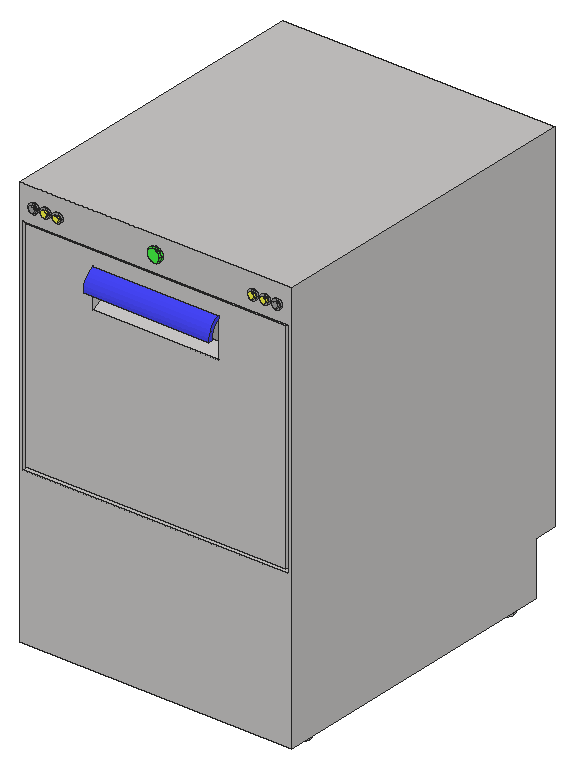
Revit family "QF_ZANUSSI_402291_ESGU", category Specialty Equipment, Revit 2018
Family settings
  Round Connector Dimension = Use Diameter
  Part Type = Normal
  Work Plane-Based = No
  Always vertical = Yes
  Cut with Voids When Loaded = No
  Shared = No
  Room Calculation Point = No
Parameters (values of type "Standard")
  Weight = 38.00 kg
  Watts = 250.838 W
  Volts = 220 V
  URL Manufacturer = "http://professional.electrolux.com"
  URL = "http://professional.electrolux.com"
  Steam Supply Size = 0 mm
  Steam Supply Minimum Pressure = 0.0 Pa
  Steam Supply Maximum Pressure = 0.0 Pa
  Steam Pounds per Hour = 0
  Show Logo [instance] = yes
  Show Clearance [instance] = yes
  Refrigeration Suction Line Size = 0 mm
  Refrigeration Liquid Line Size = 0 mm
  Refrigerant Compressor Remote = yes
  Manufacturer = "Electrolux Professional"
  Phase = 1
  Model = "ESGU"
  Length Actual = 455 mm  # constant formula
  Item Number = "402291"
  Hot Water Size = 0 mm
  Height Actual = 700 mm  # constant formula
  HP = "3.6 HP"
  Gas Size = 0 mm
  Gas KW = 0
  Gas Input Pressure = 0 W
  Description = "GLASSWASHER(S), SINGLE SKIN, DRAIN PUMP, DETERGENT DISPENSER, UK PLUG, 30B/H"
  Depth Actual = 550 mm  # constant formula
  Cycle = 50 Hz
  Condensate Return Size = 0 mm
  Compressed Air Volume = 0.0 L/s
  Compressed Air Size = 0 mm
  Compressed Air Pressure = 0.0 Pa
  Cold Water Size = 19.05 mm
  Accessory = yes
Types (2, lengths in mm): name | URL | Manufacturer | Phase | Model | Description | Cold Water Size
  (no name) | "http://professional.electrolux.com/" | 0 | 0 | 0 | 0 | 0
  Standard | "http://professional.electrolux.com" | "Electrolux Professional" | 1 | "ESGU" | "GLASSWASHER(S), SINGLE SKIN, DRAIN PUMP, DETERGENT DISPENSER, UK PLUG, 30B/H" | 19.05
Values of the unnamed type that differ from the named types
  Watts = 0 W
  Volts = 0 V
  URL Manufacturer = ""
  Item Number = ""
  HP = ""
  Cycle = 0 Hz
Reference planes
  plane 1 "Center (Front/Back)": y = 0
  plane 2: z = 0
  plane 3 "Center (Left/Right)": x = 0
  plane 4 "LEFT": x = -227.5
  plane 5 "RIGHT": x = 227.5
  plane 6 "FRONT": y = -275
  plane 7 "BACK": y = 275
  plane 8: z = 700
  plane 9: z = 10
  plane 10: y = 236
Forms (mm)
  Extrusion 1, solid, material "QF_Finishes_Stainless Steel"
    sketch origin (0, 0, 0) x (1, 0, 0) y (0, 1, 0)
      loop
        line (-227.5, -275) -> (227.5, -275) -> (227.5, 236) -> (-227.5, 236) -> (-227.5, -275)
    from 10 to 700
  Extrusion 2, solid, material "QF_Finishes_Stainless Steel"
    sketch origin (0, 0, 0) x (1, 0, 0) y (0, 1, 0)
      loop
        line (-227.5, 236) -> (227.5, 236) -> (227.5, 275) -> (-227.5, 275) -> (-227.5, 236)
    from 100 to 700
  Extrusion 3, solid, material "QF_Finishes_Stainless Steel"
    sketch origin (0, 0, 0) x (1, 0, 0) y (0, 1, 0)
      loop
        circle (-208, 198) r 12.5
      loop
        circle (208, 198) r 12.5
      loop
        circle (-208, -228) r 12.5
      loop
        circle (208, -228) r 12.5
    from 0 to 10
  Extrusion 4, void
    sketch origin (-227.5, -275, 0) x (-1, 0, 0) y (0, 0, 1)
      loop
        line (-5, 643.217) -> (-450, 643.217) -> (-450, 270) -> (-5, 270) -> (-5, 643.217)
    from 0 to 30
  Extrusion 5, solid, material "QF_Finishes_Stainless Steel"
    sketch origin (-212, -392, 752) x (0, 0, -1) y (1, 0, 0)
      loop
        circle (693, 215.5) r 10
    from -628 to -667
  Extrusion 6, solid, material "QF_Door-Drawer Clearances", visible <- "Show Clearance", detail levels coarse
    sketch origin (-230, -282.5, 0) x (0, 1, 0) y (0, 0, -1)
      loop
        line (7.5, -275) -> (-335.5, -275)
        arc (-335.5, -275) -> (-241.325, -530.164) -> (7.5, -640) r 348.592
        line (7.5, -640) -> (7.5, -275)
    from -11.656 to -447.5
  Extrusion 7, solid, material "QF_Finishes_Stainless Steel"
    sketch origin (-432.481, -392, 722) x (0, 0, -1) y (1, 0, 0)
      loop
        circle (663, 324.981) r 8
    from -628 to -667
  Extrusion 8, solid, material "QF_Finishes_Stainless Steel"
    sketch origin (-230, -282.5, 0) x (0, 1, 0) y (0, 0, -1)
      loop
        line (7.5, -275) -> (7.5, -640) -> (32.5, -640) -> (32.5, -275) -> (7.5, -275)
    from -11.656 to -447.5
  Extrusion 9, solid, material "QF_Finishes_Stainless Steel"
    sketch origin (-268, -392, 682.5) x (0, 0, -1) y (1, 0, 0)
      loop
        circle (663, 230.5) r 8
    from -628 to -667
  Extrusion 10, solid, material "QF_Finishes_Green"
    sketch origin (-230, -275, 0) x (1, 0, 0) y (0, 0, 1)
      loop
        circle (230, 670.819) r 12
      loop
        circle (230, 670.819) r 10
    from 0 to 2.5
  Extrusion 11, void
    sketch origin (-225.452, 209.5, 42.5) x (0, 1, 0) y (0, 0, 1)
      loop
        line (-484.5, 568.217) -> (-484.5, 507.5) -> (-462.849, 520) -> (-484.5, 568.217)
    from 120.452 to 330.452
  Extrusion 12, solid, material "QF_Finishes_Blue"
    sketch origin (-227.5, 236, 0) x (0, -1, 0) y (0, 0, 1)
      loop
        line (511, 615.863) -> (511, 610.513)
        arc (511, 610.513) -> (522.966, 599.801) -> (525.861, 584.005) r 24.803
        line (525.861, 584.005) -> (530.907, 584.005)
        arc (530.907, 584.005) -> (526.605, 603.465) -> (511, 615.863) r 29.803
    from -332.5 to -122.5
  Extrusion 13, solid, material "QF_Finishes_Green"
    sketch origin (234, -275, -28.75) x (-1, 0, 0) y (0, 0, -1)
      loop
        circle (234, -699.569) r 10
    from 0 to 5
  Extrusion 14, solid, material "QF_Finishes_Gray"
    sketch origin (103.327, -275, -30.575) x (-1, 0, 0) y (0, 0, -1)
      loop
        circle (306.936, -698.972) r 5
    from 0 to 5
  Extrusion 15, solid, material "QF_Finishes_Gray"
    sketch origin (79.327, -275, -34.95) x (-1, 0, 0) y (0, 0, -1)
      loop
        circle (262.936, -703.347) r 8
      loop
        circle (262.936, -703.347) r 5
      loop
        circle (242.936, -703.347) r 8
      loop
        circle (242.936, -703.347) r 5
      loop
        circle (282.936, -703.347) r 8
      loop
        circle (282.936, -703.347) r 5
    from 0 to 2.5
  Extrusion 16, solid, material "QF_Finishes_Yellow"
    sketch origin (123.327, -275, -30.575) x (-1, 0, 0) y (0, 0, -1)
      loop
        circle (306.936, -698.972) r 5
    from 0 to 5
  Extrusion 17, solid, material "QF_Finishes_Yellow"
    sketch origin (143.327, -275, -30.575) x (-1, 0, 0) y (0, 0, -1)
      loop
        circle (306.936, -698.972) r 5
    from 0 to 5
  Extrusion 18, solid, material "QF_Finishes_Gray"
    sketch origin (-103.327, -275, -30.575) x (1, 0, 0) y (0, 0, 1)
      loop
        circle (306.936, 698.972) r 5
    from 0 to 5
  Extrusion 19, solid, material "QF_Finishes_Gray"
    sketch origin (-79.327, -275, -34.95) x (1, 0, 0) y (0, 0, 1)
      loop
        circle (262.936, 703.347) r 8
      loop
        circle (262.936, 703.347) r 5
      loop
        circle (242.936, 703.347) r 8
      loop
        circle (242.936, 703.347) r 5
      loop
        circle (282.936, 703.347) r 8
      loop
        circle (282.936, 703.347) r 5
    from 0 to 2.5
  Extrusion 20, solid, material "QF_Finishes_Yellow"
    sketch origin (-123.327, -275, -30.575) x (1, 0, 0) y (0, 0, 1)
      loop
        circle (306.936, 698.972) r 5
    from 0 to 5
  Extrusion 21, solid, material "QF_Finishes_Yellow"
    sketch origin (-143.327, -275, -30.575) x (1, 0, 0) y (0, 0, 1)
      loop
        circle (306.936, 698.972) r 5
    from 0 to 5
  Extrusion 22, solid, material "QF_Finishes_Yellow"
    sketch origin (-143.327, -275, -30.575) x (1, 0, 0) y (0, 0, 1)
      loop
        circle (306.936, 698.972) r 5
    from 0 to 5
Cuts and joins
  Extrusion 4 cuts Extrusion 1
  joined: Extrusion 1, Extrusion 2
  Extrusion 11 cuts Extrusion 8
Lines and regions (mm)
  Split face 1
    outline origin (-227.5, -275, 700) x (0, 0, -1) y (1, 0, 0)
      loop
        line (56.783, 5) -> (56.783, 0)
      loop
        line (56.783, 450) -> (56.783, 455)
      loop
        line (22.034, 455) -> (22.034, 384.297)
        arc (22.034, 384.297) -> (22.64, 381.25) -> (24.366, 378.667) r 7.962
        line (24.366, 378.667) -> (44.289, 358.744)
        arc (44.289, 358.744) -> (46.135, 355.982) -> (46.783, 352.723) r 8.515
        line (46.783, 352.723) -> (46.783, 246.977)
        arc (46.783, 246.977) -> (46.096, 245.319) -> (44.439, 244.633) r 2.344
        line (44.439, 244.633) -> (15.017, 244.633)
        arc (15.017, 244.633) -> (12.73, 243.685) -> (11.783, 241.398) r 3.234
        line (11.783, 241.398) -> (11.783, 227.133) -> (11.783, 212.867)
        arc (11.783, 212.867) -> (12.73, 210.58) -> (15.017, 209.633) r 3.234
        line (15.017, 209.633) -> (44.439, 209.633)
        arc (44.439, 209.633) -> (46.096, 208.946) -> (46.783, 207.289) r 2.344
        line (46.783, 207.289) -> (46.783, 102.277)
        arc (46.783, 102.277) -> (46.135, 99.018) -> (44.289, 96.256) r 8.515
        line (44.289, 96.256) -> (24.366, 76.333)
        arc (24.366, 76.333) -> (22.64, 73.75) -> (22.034, 70.703) r 7.962
        line (22.034, 70.703) -> (22.034, 0)
  symbolic lines
    curve 1: line (-227.5, 275, 0) -> (227.5, 275, 0)
    curve 2: line (-227.5, -275, 0) -> (-227.5, 275, 0)
    curve 3: line (227.5, -275, 0) -> (-227.5, -275, 0)
    curve 4: line (227.5, 275, 0) -> (227.5, -275, 0)
    curve 8: line (-12, -277.5, 0) -> (12, -277.5, 0)
    curve 9: line (12, -277.5, 0) -> (12, -275, 0)
    curve 10: line (-12, -277.5, 0) -> (-12, -275, 0)
    curve 11: line (-10, -280, 0) -> (10, -280, 0)
    curve 12: line (10, -280, 0) -> (10, -277.5, 0)
    curve 13: line (-10, -280, 0) -> (-10, -277.5, 0)
    curve 16: line (-211.6, -277.5, 0) -> (-211.6, -275, 0)
    curve 17: line (-195.609, -277.5, 0) -> (-195.609, -275, 0)
    curve 18: line (-208.587, -280, 0) -> (-198.596, -280, 0)
    curve 19: line (-198.596, -280, 0) -> (-198.596, -277.5, 0)
    curve 20: line (-208.587, -280, 0) -> (-208.587, -277.5, 0)
    curve 21: line (-191.596, -277.5, 0) -> (-175.596, -277.5, 0)
    curve 22: line (-175.596, -277.5, 0) -> (-175.596, -275, 0)
    curve 23: line (-191.596, -277.5, 0) -> (-191.596, -275, 0)
    curve 24: line (-188.596, -280, 0) -> (-178.596, -280, 0)
    curve 25: line (-178.596, -280, 0) -> (-178.596, -277.5, 0)
    curve 26: line (-188.596, -280, 0) -> (-188.596, -277.5, 0)
    curve 27: line (-171.596, -277.5, 0) -> (-155.596, -277.5, 0)
    curve 28: line (-155.596, -277.5, 0) -> (-155.596, -275, 0)
    curve 29: line (-171.596, -277.5, 0) -> (-171.596, -275, 0)
    curve 30: line (-168.596, -280, 0) -> (-158.596, -280, 0)
    curve 31: line (-158.596, -280, 0) -> (-158.596, -277.5, 0)
    curve 32: line (-168.596, -280, 0) -> (-168.596, -277.5, 0)
    curve 33: line (175.609, -277.5, 0) -> (191.609, -277.5, 0)
    curve 34: line (191.609, -277.5, 0) -> (191.609, -275, 0)
    curve 35: line (178.609, -280, 0) -> (188.609, -280, 0)
    curve 36: line (188.609, -280, 0) -> (188.609, -277.5, 0)
    curve 37: line (178.609, -280, 0) -> (178.609, -277.5, 0)
    curve 38: line (175.609, -277.5, 0) -> (175.609, -275, 0)
    curve 39: line (195.609, -277.5, 0) -> (211.609, -277.5, 0)
    curve 40: line (211.609, -277.5, 0) -> (211.609, -275, 0)
    curve 41: line (198.609, -280, 0) -> (208.609, -280, 0)
    curve 42: line (208.609, -280, 0) -> (208.609, -277.5, 0)
    curve 43: line (198.609, -280, 0) -> (198.609, -277.5, 0)
    curve 44: line (195.609, -277.5, 0) -> (195.609, -275, 0)
    curve 45: line (-112.5, -275, 0) -> (-112.5, -295.134, 0)
    curve 46: line (112.5, -275, 0) -> (112.5, -295.134, 0)
    curve 47: line (112.5, -295.134, 0) -> (-112.5, -295.134, 0)
    curve 48: line (155.609, -277.5, 0) -> (171.609, -277.5, 0)
    curve 49: line (171.609, -277.5, 0) -> (171.609, -275, 0)
    curve 50: line (158.609, -280, 0) -> (168.609, -280, 0)
    curve 51: line (168.609, -280, 0) -> (168.609, -277.5, 0)
    curve 52: line (158.609, -280, 0) -> (158.609, -277.5, 0)
    curve 53: line (155.609, -277.5, 0) -> (155.609, -275, 0)
  symbolic lines, style "QF_Door-Drawer Clearances"
    curve 5: line (-217.5, -618, 0) -> (217.5, -618, 0)
    curve 6: line (217.5, -618, 0) -> (217.5, -275, 0)
    curve 7: line (-217.5, -618, 0) -> (-217.5, -275, 0)
  symbolic lines, style "SpecialityEquipmentHiddenLines"
    curve 14: line (-227.5, 236, 0) -> (227.5, 236, 0)
  symbolic lines, style "SpecialityEquipment"
    curve 15: line (-211.6, -277.5, 0) -> (-195.609, -277.5, 0)
Dimensions and locks
  equal spacing: plane 4 "LEFT", plane 3 "Center (Left/Right)", plane 5 "RIGHT"
  equal spacing: plane 7 "BACK", plane 1 "Center (Front/Back)", plane 6 "FRONT"
  plane 7 "BACK" to plane 6 "FRONT" = 550 mm
  plane 4 "LEFT" to plane 5 "RIGHT" = 455 mm
  locked: plane 9 to level at 10
  plane 4 "LEFT" to plane 3 "Center (Left/Right)" = 227.5 mm
  plane 8 to level = 700 mm  (x2)
  level to Extrusion 9 sketch curve = 19.5 mm
  Extrusion 9 sketch curve to plane 4 "LEFT" = 190 mm
  level to Extrusion 5 sketch curve = 59 mm
  Extrusion 5 sketch curve to plane 4 "LEFT" = 231 mm
  Extrusion 7 sketch curve to plane 4 "LEFT" = 120 mm
  level to Extrusion 7 sketch curve = 59 mm
  Extrusion 3 to cut or joined group of Extrusion 1, Extrusion 2, Extrusion 4 = 77 mm
  Extrusion 3 to Extrusion 3 = 426 mm
  plane 6 "FRONT" to Extrusion 3 = 47 mm
  plane 1 "Center (Front/Back)" to plane 6 "FRONT" = 275 mm
  locked: plane 7 "BACK" to plane 10 at 39
  plane 6 "FRONT" to curve 5 = 343 mm
  Extrusion 8 to cut or joined group of Extrusion 1, Extrusion 2, Extrusion 4 = 370 mm
  aligned and locked: level to plane 2
  aligned and locked: Extrusion 1 sketch curve to plane 6 "FRONT"
  aligned and locked: Extrusion 1 sketch curve to plane 4 "LEFT"
  aligned and locked: plane 5 "RIGHT" to Extrusion 1 sketch curve
  aligned and locked: Extrusion 1 to plane 9
  aligned and locked: Extrusion 2 sketch curve to Extrusion 1
  aligned and locked: plane 7 "BACK" to Extrusion 2 sketch curve
  aligned and locked: plane 5 "RIGHT" to Extrusion 2 sketch curve
  aligned and locked: plane 9 to Extrusion 3
  aligned and locked: cut or joined group of Extrusion 1, Extrusion 2, Extrusion 4 to plane 10
Automatic sketch dimensions
  curve 1 to plane 4 "LEFT" = 0 mm
  curve 7 to plane 6 "FRONT" = 0 mm
  curve 4 to plane 5 "RIGHT" = 0 mm
  curve 14 to plane 10 = 0 mm
  curve 2 to plane 7 "BACK" = 0 mm
  plane 4 "LEFT" to curve 5 = 10 mm
  curve 15 to plane 6 "FRONT" = 2.5 mm
  curve 7 to curve 15 = 5.9 mm
  curve 15 to curve 20 = 3.013 mm
  curve 18 to curve 19 = 9.991 mm
  curve 19 to curve 17 = 2.987 mm
  curve 15 to curve 23 = 4.013 mm
  curve 21 to curve 24 = 3 mm
  curve 25 to plane 6 "FRONT" = 5 mm
  curve 24 to curve 25 = 10 mm
  curve 25 to curve 22 = 3 mm
  curve 21 to curve 27 = 4 mm
  curve 27 to curve 30 = 3 mm
  curve 31 to plane 6 "FRONT" = 5 mm
  curve 30 to curve 31 = 10 mm
  curve 31 to curve 27 = 3 mm
  curve 45 to plane 6 "FRONT" = 20.134 mm
  curve 27 to curve 45 = 43.096 mm
  curve 8 to plane 6 "FRONT" = 2.5 mm
  curve 8 to plane 3 "Center (Left/Right)" = 12 mm
  curve 8 to curve 11 = 2 mm
  plane 3 "Center (Left/Right)" to curve 11 = 10 mm
  curve 12 to curve 8 = 2 mm
  curve 8 to curve 47 = 100.5 mm
  curve 53 to plane 6 "FRONT" = 2.5 mm
  curve 46 to curve 53 = 43.109 mm
  curve 48 to curve 52 = 3 mm
  curve 51 to plane 6 "FRONT" = 5 mm
  curve 50 to curve 51 = 10 mm
  curve 51 to curve 48 = 3 mm
  curve 48 to curve 38 = 4 mm
  curve 33 to curve 37 = 3 mm
  curve 35 to plane 6 "FRONT" = 5 mm
  curve 35 to curve 35 = 10 mm
  curve 36 to curve 34 = 3 mm
  curve 33 to curve 44 = 4 mm
  curve 39 to curve 41 = 3 mm
  curve 41 to plane 6 "FRONT" = 5 mm
  curve 41 to curve 41 = 10 mm
  curve 42 to curve 40 = 3 mm
  curve 6 to plane 5 "RIGHT" = 10 mm
  curve 11 to curve 13 = 2.5 mm
  curve 20 to curve 20 = 2.5 mm
  curve 21 to plane 6 "FRONT" = 2.5 mm
  curve 27 to plane 6 "FRONT" = 2.5 mm
  curve 44 to plane 6 "FRONT" = 2.5 mm
  curve 33 to plane 6 "FRONT" = 2.5 mm
  Extrusion 1 sketch curve to plane 10 = 0 mm
  Extrusion 2 sketch curve to plane 10 = 0 mm
  plane 4 "LEFT" to Extrusion 3 sketch curve = 19.5 mm  (x2)
  Extrusion 3 sketch curve to plane 5 "RIGHT" = 19.5 mm  (x2)
  plane 6 "FRONT" to Extrusion 3 sketch curve = 47 mm  (x2)
  Extrusion 3 sketch curve to plane 10 = 38 mm  (x2)
  Extrusion 4 sketch curve to Extrusion 1 = 5 mm  (x2)
  Extrusion 4 sketch curve to Extrusion 1 = 260 mm
  Extrusion 4 sketch curve to Extrusion 1 = 56.783 mm
  Extrusion 6 sketch curve to plane 6 "FRONT" = 0 mm
  Extrusion 6 sketch curve to plane 6 "FRONT" = 343 mm
  plane 6 "FRONT" to Extrusion 6 sketch curve = 5.204 mm
  Extrusion 6 sketch curve to plane 8 = 60 mm
  level to Extrusion 6 sketch curve = 291.447 mm
  Extrusion 8 sketch curve to plane 6 "FRONT" = 0 mm
  Extrusion 8 sketch curve to Extrusion 8 sketch curve = 25 mm
  Extrusion 8 sketch curve to plane 8 = 60 mm
  plane 9 to Extrusion 8 sketch curve = 265 mm
  Extrusion 10 sketch curve to Extrusion 10 sketch curve = 0 mm  (x2)
  Extrusion 1 to Extrusion 10 sketch curve = 29.181 mm
  Extrusion 1 to Extrusion 10 sketch curve = 227.5 mm
  Extrusion 11 sketch curve to plane 6 "FRONT" = 0 mm
  plane 6 "FRONT" to Extrusion 11 sketch curve = 21.651 mm
  Extrusion 11 sketch curve to plane 8 = 150 mm
  Extrusion 11 sketch curve to Extrusion 11 sketch curve = 12.5 mm
  Extrusion 11 sketch curve to Extrusion 11 sketch curve = 48.217 mm
  Extrusion 12 sketch curve to Extrusion 12 sketch curve = 0 mm  (x2)
  Extrusion 12 sketch curve to Extrusion 1 = 0 mm
  Extrusion 12 sketch curve to Extrusion 1 = 9.669 mm
  Extrusion 1 to Extrusion 12 sketch curve = 14.861 mm
  Extrusion 12 sketch curve to Extrusion 12 sketch curve = 5.046 mm
  Extrusion 1 to Extrusion 12 sketch curve = 115.995 mm
  Extrusion 12 sketch curve to Extrusion 12 sketch curve = 3.668 mm
  cut or joined group of Extrusion 1, Extrusion 2, Extrusion 4 to Split face 1 sketch curve = 0 mm  (x2)
  Split face 1 sketch curve to cut or joined group of Extrusion 1, Extrusion 2, Extrusion 4 = 0 mm  (x6)
  cut or joined group of Extrusion 1, Extrusion 2, Extrusion 4 to Split face 1 sketch curve = 10 mm  (x2)
  Split face 1 sketch curve to Split face 1 sketch curve = 2.344 mm  (x2)
  Split face 1 sketch curve to Split face 1 sketch curve = 2.494 mm  (x2)
  Split face 1 sketch curve to Split face 1 sketch curve = 8.515 mm  (x2)
  cut or joined group of Extrusion 1, Extrusion 2, Extrusion 4 to Split face 1 sketch curve = 26.786 mm  (x2)
  Split face 1 sketch curve to Split face 1 sketch curve = 5.63 mm  (x2)
  Split face 1 sketch curve to Split face 1 sketch curve = 2.332 mm  (x2)
  Split face 1 sketch curve to cut or joined group of Extrusion 1, Extrusion 2, Extrusion 4 = 15.017 mm  (x2)
  Split face 1 sketch curve to cut or joined group of Extrusion 1, Extrusion 2, Extrusion 4 = 11.783 mm
  Split face 1 sketch curve to cut or joined group of Extrusion 1, Extrusion 2, Extrusion 4 = 65.703 mm
  Split face 1 sketch curve to Split face 1 sketch curve = 19.923 mm  (x2)
  Split face 1 sketch curve to Split face 1 sketch curve = 105.012 mm
  Split face 1 sketch curve to Split face 1 sketch curve = 14.266 mm  (x2)
  Split face 1 sketch curve to cut or joined group of Extrusion 1, Extrusion 2, Extrusion 4 = 97.277 mm
  Extrusion 13 sketch curve to Extrusion 13 sketch curve = 0 mm  (x2)
  Extrusion 13 sketch curve to plane 3 "Center (Left/Right)" = 0 mm
  Extrusion 13 sketch curve to plane 8 = 29.181 mm
  plane 3 "Center (Left/Right)" to Extrusion 13 sketch curve = 10 mm
  Extrusion 14 sketch curve to Extrusion 14 sketch curve = 0 mm  (x2)
  plane 4 "LEFT" to Extrusion 14 sketch curve = 23.891 mm
  Extrusion 14 sketch curve to plane 8 = 31.603 mm
  Extrusion 14 sketch curve to Extrusion 14 sketch curve = 5 mm
  Extrusion 15 sketch curve to Extrusion 15 sketch curve = 0 mm  (x8)
  Extrusion 15 sketch curve to plane 8 = 31.603 mm
  plane 4 "LEFT" to Extrusion 15 sketch curve = 63.891 mm
  Extrusion 15 sketch curve to Extrusion 15 sketch curve = 20 mm  (x2)
  Extrusion 16 sketch curve to Extrusion 16 sketch curve = 0 mm  (x2)
  plane 4 "LEFT" to Extrusion 16 sketch curve = 43.891 mm
  Extrusion 16 sketch curve to plane 8 = 31.603 mm
  Extrusion 16 sketch curve to Extrusion 16 sketch curve = 5 mm
  Extrusion 17 sketch curve to Extrusion 17 sketch curve = 0 mm  (x2)
  Extrusion 17 sketch curve to plane 8 = 31.603 mm
  plane 4 "LEFT" to Extrusion 17 sketch curve = 63.891 mm
  Extrusion 17 sketch curve to Extrusion 17 sketch curve = 5 mm
  Extrusion 18 sketch curve to Extrusion 18 sketch curve = 0 mm  (x2)
  Extrusion 18 sketch curve to plane 5 "RIGHT" = 23.891 mm
  Extrusion 18 sketch curve to plane 8 = 31.603 mm
  Extrusion 18 sketch curve to Extrusion 18 sketch curve = 5 mm
  Extrusion 19 sketch curve to Extrusion 19 sketch curve = 0 mm  (x8)
  Extrusion 19 sketch curve to plane 8 = 31.603 mm
  Extrusion 19 sketch curve to plane 5 "RIGHT" = 63.891 mm
  Extrusion 19 sketch curve to Extrusion 19 sketch curve = 20 mm  (x2)
  Extrusion 20 sketch curve to Extrusion 20 sketch curve = 0 mm  (x2)
  Extrusion 20 sketch curve to plane 5 "RIGHT" = 43.891 mm
  Extrusion 20 sketch curve to plane 8 = 31.603 mm
  Extrusion 20 sketch curve to Extrusion 20 sketch curve = 5 mm
  Extrusion 21 sketch curve to Extrusion 21 sketch curve = 0 mm  (x2)
  Extrusion 21 sketch curve to plane 8 = 31.603 mm
  Extrusion 21 sketch curve to plane 5 "RIGHT" = 63.891 mm
  Extrusion 21 sketch curve to Extrusion 21 sketch curve = 5 mm
  Extrusion 22 sketch curve to Extrusion 22 sketch curve = 0 mm  (x2)
  Extrusion 22 sketch curve to plane 8 = 31.603 mm
  Extrusion 22 sketch curve to plane 5 "RIGHT" = 63.891 mm
  Extrusion 22 sketch curve to Extrusion 22 sketch curve = 5 mm
  radius of Extrusion 3 sketch curve = 12.5 mm  (x4)
  radius of Extrusion 5 sketch curve = 10 mm
  radius of Extrusion 7 sketch curve = 8 mm
  radius of Extrusion 9 sketch curve = 8 mm
  radius of Extrusion 10 sketch curve = 12 mm
  radius of Extrusion 10 sketch curve = 10 mm
  radius of Extrusion 15 sketch curve = 8 mm  (x3)
  radius of Extrusion 15 sketch curve = 5 mm  (x3)
  radius of Extrusion 19 sketch curve = 8 mm  (x3)
  radius of Extrusion 19 sketch curve = 5 mm  (x3)
Connectors
  piping at (3.5, 275, 59), diameter 20
    settings: on Extrusion 5, index 1, connector inside diameter 609.6 mm, connector length 0 mm, flow factor 0, pipe flow 0.0 L/s, pressure drop 0.0 Pa, fitting loss kfactor 0, connector angle 0.00°, fixture units 0, engagement length 0 mm, angle of deflection 0.00°, flow configuration 1, flow direction 1, fitting loss method 0, system type 16, joint type 0, gender type 0, connector reference index -1, connector utility 0, adjustable connector no, is connector primary yes, connector description "Drain"
  piping at (-107.5, 275, 59), diameter 19.05, driven by "Cold Water Size"
    settings: on Extrusion 7, index 3, connector inside diameter 609.6 mm, connector length 0 mm, flow factor 0, pipe flow 0.0 L/s, pressure drop 0.0 Pa, fitting loss kfactor 0, connector angle 0.00°, fixture units 0, engagement length 0 mm, angle of deflection 0.00°, flow configuration 1, flow direction 1, fitting loss method 0, system type 20, joint type 0, gender type 0, connector reference index -1, connector utility 0, adjustable connector no, is connector primary no, connector description "Cold Water Inlet"
  electrical at (-37.5, 275, 19.5), driven by "Volts"
    settings: on Extrusion 9, index 4, voltage 220 V, apparent load 0 VA, apparent load phase1 0 VA, apparent load phase2 0 VA, apparent load phase3 0 VA, power factor 1, load classification "Altro", number of poles 1, system type 31, power factor state 1, is connector primary yes, connector utility no, sub classification motor no, connector description "Electrical Connection"
